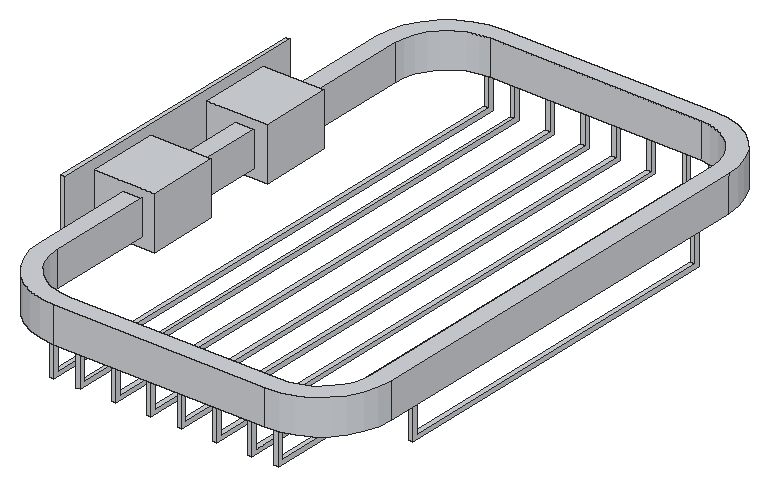
Revit family
Parameters
  Warranty Duration (Years) = 0
  Unit Width = 0' - 0"
  Unit Weight = 0
  Unit Length = 0' - 0"
  URL = "http://www.pontegiulio.com"
  Specification = "http://www.arcat.com/sd/clients/pontegiu.html?coid=43483"
  Send Message = "http://www.arcat.com/users.pl?action=UserEmail&company=Ponte%20Giulio&coid=43483&rep=132&fax=877-766-8306&mf="
  Sales Information = "http://www.pontegiulio.it/us/info.php"
  Revision = "R1_01-2010"
  Product Properties = ""
  Product Data = "http://www.arcat.com/arcatcos/cos43/arc43483.html"
  Model = "Grab Bar as Specified in 10 28 13"
  Manufacturer's Notes = ""
  Manufacturer Website = "http://www.pontegiulio.com"
  Manufacturer Phone - Toll Free = "877-766-8301 "
  Manufacturer Fax = "877-766-8306"
  Manufacturer Address = "W241 S4021 Rockwood Circle, Waukesha, WI 53189"
  Manufacturer = "Ponte Giulio"
  Maintenance Schedule (Months) = 0
  Keynote = "10 28 13"
  Installation-Fabrication = ""
  Installation Phase = ""
  Green Building-LEED = "http://www.arcat.com/green/clients/leed_data_43483.html"
  Expected Lifespan (Years) = 0
  Drawn By = "Robert S. Weygant, CSI, CDT, SCIP"
  Description = "Grab Bar as Specified in 10 28 13"
  Default Elevation = 2' - 0"
  Copyright = "2010 ARCAT, Inc"
  Construction Details = ""
  Building Codes = ""
  Bath Fixture Material [instance] = none
  Assembly Code = "C1030200"
  AK_Triangular Soap Dish = no
  AK_Rectangular Soap Dish = yes
Reference planes (in)
  plane 1 "Center (Front/Back)": y = 0
  plane 2: z = 0
  plane 3 "Center (Left/Right)": x = 0
  plane 4 "Center Elevation": z = 24
  plane 5: z = 24.375
  plane 6: z = 23.625
  plane 7: x = 6.5
  plane 8: y = -6
  plane 9: x = 0.5
  plane 10: y = 1
  plane 11: y = -7
  plane 12: x = 5.5
Forms (in)
  Extrusion 1, solid, material <- "Bath Fixture Material", visible <- "AK_Triangular Soap Dish"
    sketch origin (0, -24, 23.75) x (1, 0, 0) y (0, 1, 0)
      loop
        arc (1.5, 24) -> (0.79289, 23.70711) -> (0.5, 23) r 1
        line (0.5, 23) -> (0.5, 19)
        arc (0.5, 19) -> (1.11732, 18.07612) -> (2.20711, 18.29289) r 1
        line (2.20711, 18.29289) -> (6.20711, 22.29289)
        arc (6.20711, 22.29289) -> (6.42388, 23.38268) -> (5.5, 24) r 1
        line (5.5, 24) -> (1.5, 24)
      loop
        line (5.5, 23.75) -> (1.5, 23.75)
        arc (1.5, 23.75) -> (0.96967, 23.53033) -> (0.75, 23) r 0.75
        line (0.75, 23) -> (0.75, 19)
        arc (0.75, 19) -> (1.21299, 18.30709) -> (2.03033, 18.46967) r 0.75
        line (2.03033, 18.46967) -> (6.03033, 22.46967)
        arc (6.03033, 22.46967) -> (6.19291, 23.28701) -> (5.5, 23.75) r 0.75
    from 0 to 0.5
  Extrusion 2, solid, material <- "Bath Fixture Material"
    sketch origin (0, -24, 23.5) x (1, 0, 0) y (0, 1, 0)
      loop
        line (0.0625, 23) -> (0, 23) -> (0, 19) -> (0.0625, 19) -> (0.0625, 23)
    from 0 to 1
  Extrusion 3, solid, material <- "Bath Fixture Material"
    sketch origin (0, -2.5, 0) x (1, 0, 0) y (0, 1, 0)
      loop
        line (0.0625, 1) -> (0.0625, 0) -> (0.9375, 0) -> (0.9375, 1) -> (0.0625, 1)
      loop
        line (0.0625, -2) -> (0.9375, -2) -> (0.9375, -1) -> (0.0625, -1) -> (0.0625, -2)
    from 23.625 to 24.375
  Extrusion 4, solid, material <- "Bath Fixture Material", visible <- "AK_Triangular Soap Dish"
    sketch origin (-0.60459, -2.54674, -0.25) x (0.707107, 0.707107, 0) y (0, 0, 1)
      loop
        line (1.57609, 24) -> (1.57609, 23.5) -> (3.57609, 23.5) -> (3.57609, 24) -> (3.51359, 24) -> (3.51359, 23.5625) -> (1.63859, 23.5625) -> (1.63859, 24) -> (1.57609, 24)
    from 0 to 0.0625
  Extrusion 5, solid, material <- "Bath Fixture Material", visible <- "AK_Triangular Soap Dish"
    sketch origin (1.87028, -5.02161, -0.25) x (0.707107, 0.707107, 0) y (0, 0, 1)
      loop
        line (-1.06875, 24) -> (-1.06875, 23.5) -> (6.23789, 23.5) -> (6.23789, 24) -> (6.17539, 24) -> (6.17539, 23.5625) -> (-1.00625, 23.5625) -> (-1.00625, 24) -> (-1.06875, 24)
    from 0 to 0.0625
  Extrusion 6, solid, material <- "Bath Fixture Material", visible <- "AK_Triangular Soap Dish"
    sketch origin (1.42834, -4.57967, -0.25) x (0.707107, 0.707107, 0) y (0, 0, 1)
      loop
        line (-1.06875, 24) -> (-1.06875, 23.5) -> (6.23789, 23.5) -> (6.23789, 24) -> (6.17539, 24) -> (6.17539, 23.5625) -> (-1.00625, 23.5625) -> (-1.00625, 24) -> (-1.06875, 24)
    from 0 to 0.0625
  Extrusion 7, solid, material <- "Bath Fixture Material", visible <- "AK_Triangular Soap Dish"
    sketch origin (0.9864, -4.13773, -0.25) x (0.707107, 0.707107, 0) y (0, 0, 1)
      loop
        line (-0.56875, 24) -> (-0.56875, 23.5) -> (5.73789, 23.5) -> (5.73789, 24) -> (5.67539, 24) -> (5.67539, 23.5625) -> (-0.50625, 23.5625) -> (-0.50625, 24) -> (-0.56875, 24)
    from 0 to 0.0625
  Extrusion 8, solid, material <- "Bath Fixture Material", visible <- "AK_Triangular Soap Dish"
    sketch origin (0.54446, -3.69579, -0.25) x (0.707107, 0.707107, 0) y (0, 0, 1)
      loop
        line (0.03345, 24) -> (0.03345, 23.5) -> (5.11301, 23.5) -> (5.11301, 24) -> (5.05051, 24) -> (5.05051, 23.5625) -> (0.09595, 23.5625) -> (0.09595, 24) -> (0.03345, 24)
    from 0 to 0.0625
  Extrusion 9, solid, material <- "Bath Fixture Material", visible <- "AK_Triangular Soap Dish"
    sketch origin (0.10251, -3.25385, -0.25) x (0.707107, 0.707107, 0) y (0, 0, 1)
      loop
        line (0.65182, 24) -> (0.65182, 23.5) -> (4.48789, 23.5) -> (4.48789, 24) -> (4.42539, 24) -> (4.42539, 23.5625) -> (0.71432, 23.5625) -> (0.71432, 24) -> (0.65182, 24)
    from 0 to 0.0625
  Extrusion 10, solid, material <- "Bath Fixture Material", visible <- "AK_Triangular Soap Dish"
    sketch origin (-0.33943, -2.8119, -0.25) x (0.707107, 0.707107, 0) y (0, 0, 1)
      loop
        line (1.30668, 24) -> (1.30668, 23.5) -> (3.83478, 23.5) -> (3.83478, 24) -> (3.77228, 24) -> (3.77228, 23.5625) -> (1.36918, 23.5625) -> (1.36918, 24) -> (1.30668, 24)
    from 0 to 0.0625
  Extrusion 11, solid, material <- "Bath Fixture Material", visible <- "AK_Triangular Soap Dish"
    sketch origin (2.2686, -5.41993, -0.25) x (0.707107, 0.707107, 0) y (0, 0, 1)
      loop
        line (0.03345, 24) -> (0.03345, 23.5) -> (5.11301, 23.5) -> (5.11301, 24) -> (5.05051, 24) -> (5.05051, 23.5625) -> (0.09595, 23.5625) -> (0.09595, 24) -> (0.03345, 24)
    from 0 to 0.0625
  Extrusion 12, solid, material <- "Bath Fixture Material", visible <- "AK_Rectangular Soap Dish"
    sketch origin (-10.52897, -1.64332, 23.75) x (1, 0, 0) y (0, 1, 0)
      loop
        line (11.02897, 1.64332) -> (11.02897, -4.35668)
        arc (11.02897, -4.35668) -> (11.32186, -5.06379) -> (12.02897, -5.35668) r 1
        line (12.02897, -5.35668) -> (15.02897, -5.35668)
        arc (15.02897, -5.35668) -> (15.73608, -5.06379) -> (16.02897, -4.35668) r 1
        line (16.02897, -4.35668) -> (16.02897, 1.64332)
        arc (16.02897, 1.64332) -> (15.73608, 2.35043) -> (15.02897, 2.64332) r 1
        line (15.02897, 2.64332) -> (12.02897, 2.64332)
        arc (12.02897, 2.64332) -> (11.32186, 2.35043) -> (11.02897, 1.64332) r 1
      loop
        line (15.02897, 2.39332) -> (12.02897, 2.39332)
        arc (12.02897, 2.39332) -> (11.49864, 2.17365) -> (11.27897, 1.64332) r 0.75
        line (11.27897, 1.64332) -> (11.27897, -4.35668)
        arc (11.27897, -4.35668) -> (11.49864, -4.88701) -> (12.02897, -5.10668) r 0.75
        line (12.02897, -5.10668) -> (15.02897, -5.10668)
        arc (15.02897, -5.10668) -> (15.5593, -4.88701) -> (15.77897, -4.35668) r 0.75
        line (15.77897, -4.35668) -> (15.77897, 1.64332)
        arc (15.77897, 1.64332) -> (15.5593, 2.17365) -> (15.02897, 2.39332) r 0.75
    from 0 to 0.5
  Extrusion 13, solid, material <- "Bath Fixture Material", visible <- "AK_Rectangular Soap Dish"
    sketch origin (1.375, -5.36289, -0.25) x (0, 1, 0) y (0, 0, 1)
      loop
        line (-1.55014, 24) -> (-1.55014, 23.5) -> (6.23789, 23.5) -> (6.23789, 24) -> (6.17539, 24) -> (6.17539, 23.5625) -> (-1.48764, 23.5625) -> (-1.48764, 24) -> (-1.55014, 24)
    from 0 to 0.0625
  Extrusion 14, solid, material <- "Bath Fixture Material", visible <- "AK_Rectangular Soap Dish"
    sketch origin (4.5625, -5.36289, -0.25) x (0, 1, 0) y (0, 0, 1)
      loop
        line (-1.55014, 24) -> (-1.55014, 23.5) -> (6.23789, 23.5) -> (6.23789, 24) -> (6.17539, 24) -> (6.17539, 23.5625) -> (-1.48764, 23.5625) -> (-1.48764, 24) -> (-1.55014, 24)
    from 0 to 0.0625
  Extrusion 15, solid, material <- "Bath Fixture Material", visible <- "AK_Rectangular Soap Dish"
    sketch origin (1.75, -5.36289, -0.25) x (0, 1, 0) y (0, 0, 1)
      loop
        line (-1.55014, 24) -> (-1.55014, 23.5) -> (6.23789, 23.5) -> (6.23789, 24) -> (6.17539, 24) -> (6.17539, 23.5625) -> (-1.48764, 23.5625) -> (-1.48764, 24) -> (-1.55014, 24)
    from 0 to 0.0625
  Extrusion 16, solid, material <- "Bath Fixture Material", visible <- "AK_Rectangular Soap Dish"
    sketch origin (4.1875, -5.36289, -0.25) x (0, 1, 0) y (0, 0, 1)
      loop
        line (-1.55014, 24) -> (-1.55014, 23.5) -> (6.23789, 23.5) -> (6.23789, 24) -> (6.17539, 24) -> (6.17539, 23.5625) -> (-1.48764, 23.5625) -> (-1.48764, 24) -> (-1.55014, 24)
    from 0 to 0.0625
  Extrusion 17, solid, material <- "Bath Fixture Material", visible <- "AK_Rectangular Soap Dish"
    sketch origin (2.25, -5.36289, -0.25) x (0, 1, 0) y (0, 0, 1)
      loop
        line (-1.55014, 24) -> (-1.55014, 23.5) -> (6.23789, 23.5) -> (6.23789, 24) -> (6.17539, 24) -> (6.17539, 23.5625) -> (-1.48764, 23.5625) -> (-1.48764, 24) -> (-1.55014, 24)
    from 0 to 0.0625
  Extrusion 18, solid, material <- "Bath Fixture Material", visible <- "AK_Rectangular Soap Dish"
    sketch origin (2.75, -5.36289, -0.25) x (0, 1, 0) y (0, 0, 1)
      loop
        line (-1.55014, 24) -> (-1.55014, 23.5) -> (6.23789, 23.5) -> (6.23789, 24) -> (6.17539, 24) -> (6.17539, 23.5625) -> (-1.48764, 23.5625) -> (-1.48764, 24) -> (-1.55014, 24)
    from 0 to 0.0625
  Extrusion 19, solid, material <- "Bath Fixture Material", visible <- "AK_Rectangular Soap Dish"
    sketch origin (3.6875, -5.36289, -0.25) x (0, 1, 0) y (0, 0, 1)
      loop
        line (-1.55014, 24) -> (-1.55014, 23.5) -> (6.23789, 23.5) -> (6.23789, 24) -> (6.17539, 24) -> (6.17539, 23.5625) -> (-1.48764, 23.5625) -> (-1.48764, 24) -> (-1.55014, 24)
    from 0 to 0.0625
  Extrusion 20, solid, material <- "Bath Fixture Material", visible <- "AK_Rectangular Soap Dish"
    sketch origin (3.1875, -5.36289, -0.25) x (0, 1, 0) y (0, 0, 1)
      loop
        line (-1.55014, 24) -> (-1.55014, 23.5) -> (6.23789, 23.5) -> (6.23789, 24) -> (6.17539, 24) -> (6.17539, 23.5625) -> (-1.48764, 23.5625) -> (-1.48764, 24) -> (-1.55014, 24)
    from 0 to 0.0625
  Extrusion 21, solid, material <- "Bath Fixture Material", visible <- "AK_Rectangular Soap Dish"
    sketch origin (5.375, -5.57323, -0.25) x (0, 1, 0) y (0, 0, 1)
      loop
        line (0.03345, 24) -> (0.03345, 23.5) -> (5.11301, 23.5) -> (5.11301, 24) -> (5.05051, 24) -> (5.05051, 23.5625) -> (0.09595, 23.5625) -> (0.09595, 24) -> (0.03345, 24)
    from 0 to 0.0625
Dimensions and locks (in)
  "Default Elevation": plane 4 "Center Elevation" to level
  locked: Extrusion 5 sketch curve to Extrusion 5 sketch curve at 0.0625  (x2)
  locked: Extrusion 6 sketch curve to Extrusion 6 sketch curve at 0.0625  (x2)
  locked: Extrusion 7 sketch curve to Extrusion 7 sketch curve at 0.0625  (x2)
  locked: Extrusion 8 sketch curve to Extrusion 8 sketch curve at 0.0625  (x2)
  locked: Extrusion 9 sketch curve to Extrusion 9 sketch curve at 0.0625  (x2)
  locked: Extrusion 10 sketch curve to Extrusion 10 sketch curve at 0.0625  (x2)
  locked: Extrusion 11 sketch curve to Extrusion 11 sketch curve at 0.0625  (x2)
  locked: Extrusion 13 sketch curve to Extrusion 13 sketch curve at 0.0625  (x2)
  locked: Extrusion 14 sketch curve to Extrusion 14 sketch curve at 0.0625  (x2)
  locked: Extrusion 15 sketch curve to Extrusion 15 sketch curve at 0.0625  (x2)
  locked: Extrusion 16 sketch curve to Extrusion 16 sketch curve at 0.0625  (x2)
  locked: Extrusion 17 sketch curve to Extrusion 17 sketch curve at 0.0625  (x2)
  locked: Extrusion 18 sketch curve to Extrusion 18 sketch curve at 0.0625  (x2)
  locked: Extrusion 19 sketch curve to Extrusion 19 sketch curve at 0.0625  (x2)
  locked: Extrusion 20 sketch curve to Extrusion 20 sketch curve at 0.0625  (x2)
  locked: Extrusion 21 sketch curve to Extrusion 21 sketch curve at 0.0625  (x2)
  plane 8 to plane 1 "Center (Front/Back)" = 0' - 6"
  plane 9 to plane 7 = 0' - 6"
  plane 9 to plane 12 = 0' - 5"
  plane 11 to plane 10 = 0' - 8"
  aligned and locked: plane 5 to Extrusion 3
  aligned and locked: Extrusion 3 to plane 6
Automatic sketch dimensions
  Extrusion 1 sketch curve to Extrusion 1 sketch curve = 0' - 0"  (x8)
  Extrusion 1 sketch curve to plane 1 "Center (Front/Back)" = 0' - 0"
  plane 3 "Center (Left/Right)" to Extrusion 1 sketch curve = 0' - 0 1/2"
  Extrusion 1 sketch curve to Extrusion 1 sketch curve = 0' - 0 1/4"
  Extrusion 1 sketch curve to Extrusion 1 sketch curve = 0' - 0 3/4"  (x2)
  Extrusion 1 sketch curve to Extrusion 1 sketch curve = 0' - 0.53033"  (x2)
  Extrusion 1 sketch curve to Extrusion 1 sketch curve = 0' - 0.17678"  (x2)
  plane 1 "Center (Front/Back)" to Extrusion 1 sketch curve = 0' - 1"
  Extrusion 1 sketch curve to Extrusion 1 sketch curve = 0' - 4"  (x2)
  Extrusion 2 sketch curve to plane 3 "Center (Left/Right)" = 0' - 0"
  plane 3 "Center (Left/Right)" to Extrusion 2 sketch curve = 0' - 0 1/16"
  plane 1 "Center (Front/Back)" to Extrusion 2 sketch curve = 0' - 5"
  plane 1 "Center (Front/Back)" to Extrusion 2 sketch curve = 0' - 1"
  plane 3 "Center (Left/Right)" to Extrusion 3 sketch curve = 0' - 0 1/16"  (x2)
  Extrusion 3 sketch curve to Extrusion 3 sketch curve = 0' - 0 7/8"  (x2)
  plane 1 "Center (Front/Back)" to Extrusion 3 sketch curve = 0' - 4 1/2"
  Extrusion 3 sketch curve to Extrusion 3 sketch curve = 0' - 1"  (x3)
  plane 4 "Center Elevation" to Extrusion 4 sketch curve = 0' - 0 1/4"  (x2)
  Extrusion 4 sketch curve to plane 6 = 0' - 0 3/8"
  Extrusion 4 sketch curve to Extrusion 4 sketch curve = 0' - 0 1/16"  (x2)
  Extrusion 4 sketch curve to Extrusion 4 sketch curve = 0' - 1 7/8"
  Extrusion 4 sketch curve to plane 6 = 0' - 0 5/16"
  plane 4 "Center Elevation" to Extrusion 5 sketch curve = 0' - 0 1/4"  (x2)
  Extrusion 5 sketch curve to plane 6 = 0' - 0 3/8"
  Extrusion 5 sketch curve to Extrusion 5 sketch curve = 0' - 7.18163"
  Extrusion 5 sketch curve to plane 6 = 0' - 0 5/16"
  plane 4 "Center Elevation" to Extrusion 6 sketch curve = 0' - 0 1/4"  (x2)
  Extrusion 6 sketch curve to plane 6 = 0' - 0 3/8"
  Extrusion 6 sketch curve to Extrusion 6 sketch curve = 0' - 7.18163"
  Extrusion 6 sketch curve to plane 6 = 0' - 0 5/16"
  plane 4 "Center Elevation" to Extrusion 7 sketch curve = 0' - 0 1/4"  (x2)
  Extrusion 7 sketch curve to plane 6 = 0' - 0 3/8"
  Extrusion 7 sketch curve to Extrusion 7 sketch curve = 0' - 6.18163"
  Extrusion 7 sketch curve to plane 6 = 0' - 0 5/16"
  plane 4 "Center Elevation" to Extrusion 8 sketch curve = 0' - 0 1/4"  (x2)
  Extrusion 8 sketch curve to plane 6 = 0' - 0 3/8"
  Extrusion 8 sketch curve to Extrusion 8 sketch curve = 0' - 4.95456"
  Extrusion 8 sketch curve to plane 6 = 0' - 0 5/16"
  plane 4 "Center Elevation" to Extrusion 9 sketch curve = 0' - 0 1/4"  (x2)
  Extrusion 9 sketch curve to plane 6 = 0' - 0 3/8"
  Extrusion 9 sketch curve to Extrusion 9 sketch curve = 0' - 3.71107"
  Extrusion 9 sketch curve to plane 6 = 0' - 0 5/16"
  plane 4 "Center Elevation" to Extrusion 10 sketch curve = 0' - 0 1/4"  (x2)
  Extrusion 10 sketch curve to plane 6 = 0' - 0 3/8"
  Extrusion 10 sketch curve to Extrusion 10 sketch curve = 0' - 2.4031"
  Extrusion 10 sketch curve to plane 6 = 0' - 0 5/16"
  plane 4 "Center Elevation" to Extrusion 11 sketch curve = 0' - 0 1/4"  (x2)
  Extrusion 11 sketch curve to plane 6 = 0' - 0 3/8"
  Extrusion 11 sketch curve to Extrusion 11 sketch curve = 0' - 4.95456"
  Extrusion 11 sketch curve to plane 6 = 0' - 0 5/16"
  Extrusion 12 sketch curve to Extrusion 12 sketch curve = 0' - 0"  (x8)
  Extrusion 12 sketch curve to plane 1 "Center (Front/Back)" = 0' - 0"
  plane 3 "Center (Left/Right)" to Extrusion 12 sketch curve = 0' - 0 1/2"
  Extrusion 12 sketch curve to Extrusion 12 sketch curve = 0' - 0 1/4"
  Extrusion 12 sketch curve to Extrusion 12 sketch curve = 0' - 0 3/4"  (x3)
  Extrusion 12 sketch curve to Extrusion 12 sketch curve = 0' - 3"  (x2)
  plane 1 "Center (Front/Back)" to Extrusion 12 sketch curve = 0' - 6"
  plane 4 "Center Elevation" to Extrusion 13 sketch curve = 0' - 0 1/4"  (x2)
  Extrusion 13 sketch curve to plane 6 = 0' - 0 3/8"
  plane 1 "Center (Front/Back)" to Extrusion 13 sketch curve = 0' - 6.91303"
  Extrusion 13 sketch curve to plane 1 "Center (Front/Back)" = 0' - 0 13/16"
  Extrusion 13 sketch curve to plane 6 = 0' - 0 5/16"
  plane 4 "Center Elevation" to Extrusion 14 sketch curve = 0' - 0 1/4"  (x2)
  Extrusion 14 sketch curve to plane 6 = 0' - 0 3/8"
  plane 1 "Center (Front/Back)" to Extrusion 14 sketch curve = 0' - 6.91303"
  Extrusion 14 sketch curve to plane 1 "Center (Front/Back)" = 0' - 0 13/16"
  Extrusion 14 sketch curve to plane 6 = 0' - 0 5/16"
  plane 4 "Center Elevation" to Extrusion 15 sketch curve = 0' - 0 1/4"  (x2)
  Extrusion 15 sketch curve to plane 6 = 0' - 0 3/8"
  plane 1 "Center (Front/Back)" to Extrusion 15 sketch curve = 0' - 6.91303"
  Extrusion 15 sketch curve to plane 1 "Center (Front/Back)" = 0' - 0 13/16"
  Extrusion 15 sketch curve to plane 6 = 0' - 0 5/16"
  plane 4 "Center Elevation" to Extrusion 16 sketch curve = 0' - 0 1/4"  (x2)
  Extrusion 16 sketch curve to plane 6 = 0' - 0 3/8"
  plane 1 "Center (Front/Back)" to Extrusion 16 sketch curve = 0' - 6.91303"
  Extrusion 16 sketch curve to plane 1 "Center (Front/Back)" = 0' - 0 13/16"
  Extrusion 16 sketch curve to plane 6 = 0' - 0 5/16"
  plane 4 "Center Elevation" to Extrusion 17 sketch curve = 0' - 0 1/4"  (x2)
  Extrusion 17 sketch curve to plane 6 = 0' - 0 3/8"
  plane 1 "Center (Front/Back)" to Extrusion 17 sketch curve = 0' - 6.91303"
  Extrusion 17 sketch curve to plane 1 "Center (Front/Back)" = 0' - 0 13/16"
  Extrusion 17 sketch curve to plane 6 = 0' - 0 5/16"
  plane 4 "Center Elevation" to Extrusion 18 sketch curve = 0' - 0 1/4"  (x2)
  Extrusion 18 sketch curve to plane 6 = 0' - 0 3/8"
  plane 1 "Center (Front/Back)" to Extrusion 18 sketch curve = 0' - 6.91303"
  Extrusion 18 sketch curve to plane 1 "Center (Front/Back)" = 0' - 0 13/16"
  Extrusion 18 sketch curve to plane 6 = 0' - 0 5/16"
  plane 4 "Center Elevation" to Extrusion 19 sketch curve = 0' - 0 1/4"  (x2)
  Extrusion 19 sketch curve to plane 6 = 0' - 0 3/8"
  plane 1 "Center (Front/Back)" to Extrusion 19 sketch curve = 0' - 6.91303"
  Extrusion 19 sketch curve to plane 1 "Center (Front/Back)" = 0' - 0 13/16"
  Extrusion 19 sketch curve to plane 6 = 0' - 0 5/16"
  plane 4 "Center Elevation" to Extrusion 20 sketch curve = 0' - 0 1/4"  (x2)
  Extrusion 20 sketch curve to plane 6 = 0' - 0 3/8"
  plane 1 "Center (Front/Back)" to Extrusion 20 sketch curve = 0' - 6.91303"
  Extrusion 20 sketch curve to plane 1 "Center (Front/Back)" = 0' - 0 13/16"
  Extrusion 20 sketch curve to plane 6 = 0' - 0 5/16"
  plane 4 "Center Elevation" to Extrusion 21 sketch curve = 0' - 0 1/4"  (x2)
  Extrusion 21 sketch curve to plane 6 = 0' - 0 3/8"
  plane 1 "Center (Front/Back)" to Extrusion 21 sketch curve = 0' - 5.53978"
  plane 1 "Center (Front/Back)" to Extrusion 21 sketch curve = 0' - 0.52272"
  Extrusion 21 sketch curve to plane 6 = 0' - 0 5/16"
